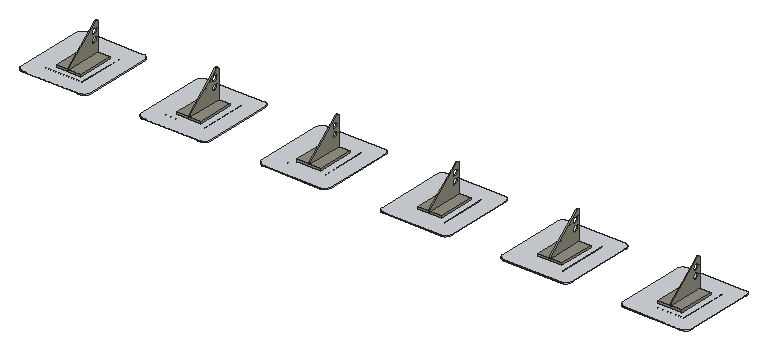
Revit family "Construction_Roof-Accessories_Alpine-SnowGuards_PP115", category Specialty Equipment, host Face, Revit 2019
Family settings
  Host = Face
  Round Connector Dimension = Use Diameter
  Part Type = Normal
  OmniClass Number = 23.35.20.31.27.14
  OmniClass Title = Snow Guards
  Cut with Voids When Loaded = No
  Shared = No
  Room Calculation Point = No
Parameters (values of type "Hi Hole")
  Z_Two Pipe = no
  Z_Two [instance] = Z_Length > Z_Horizontal Spacing  # yes
  Z_Three Pipe = no
  Z_Radius = 1/2"
  Z_One [instance] = not(Z_Array)  # no
  Z_Length [instance] = if(Length < Z_Horizontal Spacing, Z_Horizontal Spacing, Length)  # 100"
  Z_Horizontal Spacing = if(Horizontal Spacing < 2", 2", Horizontal Spacing)  # 20"
  Z_Hi Hole = yes
  Z_Array [instance] = and(Z_Length > Z_Horizontal Spacing * 2)  # yes
  URL = "https://www.alpinesnowguards.com/model/pp115?utm_source=bimobject&utm_medium=productlisting&utm_campaign=2022marketing"
  Snow Guard Count [instance] = if(Length < Horizontal Spacing, 1, if(and(Z_Length > Z_Horizontal Spacing, Z_Length < Z_Horizontal Spacing * 2), 2, Z_Number of Pads Control))  # 6
  Product data url = "https://www.bimobject.com/en-us/alpine-snowguards/product/pp115_two_or_three_pipe_snow_guard"
  Product Material = Alpine SnowGuards - Aluminium - Mill Finish
  Product Guid = "50d7e0c7-bc02-4f67-a614-d69a3d9d585d"
  Z_Number of Pads Control [instance] = if(Z_Length / Z_Horizontal Spacing + 1 < 3, 3, rounddown(Z_Length / Z_Horizontal Spacing + 1))  # 6
  Pad Material = Alpine SnowGuards - Aluminium - Mill Finish
  Note [instance] = "Customer Supplied Target Patch Flashing"  # constant formula
  Model = "PP115 - Hi Hole"
  Manufacturer = "Alpine SnowGuards"  # constant formula
  Length [instance] = 100"
  Keynote = "07720"
  Length Note [instance] = "To show a single SnowGuard set Length to 0"  # constant formula
  Horizontal Spacing = 20"
  Edition number = 1  # constant formula
  Description = "PP115 two or three pipe, pipe-style snow guard bracket in aluminum. 6''X8'' stainless steel base plate."  # constant formula
  Default Elevation = 48"
  Base Material = Alpine SnowGuards - Aluminium - Mill Finish
  Assembly Code = "B3010"
Types (4): name | Z_Two Pipe | Z_Three Pipe | Z_Hi Hole | Model
  (no name) | no | no | yes | "PP115 - Hi Hole"
  Two Pipe | yes | no | no | "PP115 - Two Pipe"
  Three Pipe | no | yes | no | "PP115 - Three Pipe"
  Hi Hole | no | no | yes | "PP115 - Hi Hole"
Reference planes (in)
  plane 1 "Center (Front/Back)": y = 0
  plane 2: z = 0
  plane 3 "Center (Left/Right)": x = 0
  plane 4: x = 100
  plane 5: z = 0
  plane 6: x = 20
Dimensions and locks (in)
  "Z_Length": plane 3 "Center (Left/Right)" to plane 4
  locked: plane 5 to plane 2 at 0
  locked: nested 1 to plane 1 "Center (Front/Back)" at 6.21833
  locked: nested 2 to plane 1 "Center (Front/Back)" at 2.21833
  equal spacing: group 1, group 2, group 3, group 10, group 11, group 12  (x3)
  "Z_Horizontal Spacing": plane 3 "Center (Left/Right)" to plane 6
  equal spacing: group 4, group 5, group 6, group 13, group 14, group 15  (x3)
  equal spacing: group 7, group 8, group 9, group 16, group 17, group 18  (x3)
  aligned and locked: host face to plane 2
  aligned and locked: host face to level
  aligned and locked: nested 1 to plane 3 "Center (Left/Right)"
  aligned and locked: nested 3 to plane 3 "Center (Left/Right)"
  aligned and locked: plane 3 "Center (Left/Right)" to nested 2
  aligned and locked: plane 6 to nested 4
  aligned and locked: nested 6 to plane 6
  aligned and locked: nested 8 to plane 6
  aligned and locked: nested 10 to plane 3 "Center (Left/Right)"
  aligned and locked: nested 12 to plane 3 "Center (Left/Right)"
  aligned and locked: plane 3 "Center (Left/Right)" to nested 13
  aligned and locked: nested 11 to plane 6
  aligned and locked: nested 15 to plane 6
  aligned and locked: plane 6 to nested 14
Automatic sketch dimensions
  host sketch curve to host sketch curve = 199.17032"
  host sketch curve to host sketch curve = 96"
Nested families (in)
  nested 1: "Construction_Roof-Accessories_Alpine-SnowGuards_Base-PP115" at (0, -6.21833, 0) x (-1, 0, 0) z (0, 0, 1), Material <- "Base Material", visible <- "Z_Array", type "6"x8""
    with Material Alpine SnowGuards - Aluminium - Mill Finish
  nested 2: "Target-Patch-Flashing" at (0, -8.84333, 0), visible <- "Z_Array", type "Target-Patch-Flashing"
  nested 3: "Construction_Roof-Accessories_Alpine-SnowGuards_Pad-PP115" at (0, -5.21833, 0.0625), Pad Material <- "Pad Material", Three Pipe <- "Z_Three Pipe", Two Pipe <- "Z_Two Pipe", Hi Hole <- "Z_Hi Hole", visible <- "Z_Array", type "Construction_Roof-Accessories_Alpine-SnowGuards_Pad-PP115"
    with Two Pipe no, Three Pipe no, Pad Material Alpine SnowGuards - Aluminium - Mill Finish, Hi Hole yes
  nested 4: "Target-Patch-Flashing" at (20, -8.84333, 0), visible <- "Z_Array", type "Target-Patch-Flashing"
  nested 5: "Target-Patch-Flashing" at (40, -8.84333, 0), visible <- "Z_Array", type "Target-Patch-Flashing"
  nested 6: "Construction_Roof-Accessories_Alpine-SnowGuards_Base-PP115" at (20, -6.21833, 0) x (-1, 0, 0) z (0, 0, 1), Material <- "Base Material", visible <- "Z_Array", type "6"x8""
    with Material Alpine SnowGuards - Aluminium - Mill Finish
  nested 7: "Construction_Roof-Accessories_Alpine-SnowGuards_Base-PP115" at (40, -6.21833, 0) x (-1, 0, 0) z (0, 0, 1), Material <- "Base Material", visible <- "Z_Array", type "6"x8""
    with Material Alpine SnowGuards - Aluminium - Mill Finish
  nested 8: "Construction_Roof-Accessories_Alpine-SnowGuards_Pad-PP115" at (20, -5.21833, 0.0625), Pad Material <- "Pad Material", Three Pipe <- "Z_Three Pipe", Two Pipe <- "Z_Two Pipe", Hi Hole <- "Z_Hi Hole", visible <- "Z_Array", type "Construction_Roof-Accessories_Alpine-SnowGuards_Pad-PP115"
    with Two Pipe no, Three Pipe no, Pad Material Alpine SnowGuards - Aluminium - Mill Finish, Hi Hole yes
  nested 9: "Construction_Roof-Accessories_Alpine-SnowGuards_Pad-PP115" at (40, -5.21833, 0.0625), Pad Material <- "Pad Material", Three Pipe <- "Z_Three Pipe", Two Pipe <- "Z_Two Pipe", Hi Hole <- "Z_Hi Hole", visible <- "Z_Array", type "Construction_Roof-Accessories_Alpine-SnowGuards_Pad-PP115"
    with Two Pipe no, Three Pipe no, Pad Material Alpine SnowGuards - Aluminium - Mill Finish, Hi Hole yes
  nested 10: "Construction_Roof-Accessories_Alpine-SnowGuards_Base-PP115" at (0, -6.21833, 0) x (-1, 0, 0) z (0, 0, 1), Material <- "Base Material", visible <- "Z_One", type "6"x8""
    with Material Alpine SnowGuards - Aluminium - Mill Finish
  nested 11: "Construction_Roof-Accessories_Alpine-SnowGuards_Base-PP115" at (20, -6.21833, 0) x (-1, 0, 0) z (0, 0, 1), Material <- "Base Material", visible <- "Z_Two", type "6"x8""
    with Material Alpine SnowGuards - Aluminium - Mill Finish
  nested 12: "Construction_Roof-Accessories_Alpine-SnowGuards_Pad-PP115" at (0, -5.21833, 0.0625) x (-1, 0, 0) z (0, 0, 1), Pad Material <- "Pad Material", visible <- "Z_One", Three Pipe <- "Z_Three Pipe", Two Pipe <- "Z_Two Pipe", Hi Hole <- "Z_Hi Hole", type "Construction_Roof-Accessories_Alpine-SnowGuards_Pad-PP115"
    with Two Pipe no, Three Pipe no, Pad Material Alpine SnowGuards - Aluminium - Mill Finish, Hi Hole yes
  nested 13: "Target-Patch-Flashing" at (0, -8.84333, 0), visible <- "Z_One", type "Target-Patch-Flashing"
  nested 14: "Target-Patch-Flashing" at (20, -8.84333, 0), visible <- "Z_Two", type "Target-Patch-Flashing"
  nested 15: "Construction_Roof-Accessories_Alpine-SnowGuards_Pad-PP115" at (20, -5.21833, 0.0625) x (-1, 0, 0) z (0, 0, 1), Pad Material <- "Pad Material", Three Pipe <- "Z_Three Pipe", Two Pipe <- "Z_Two Pipe", Hi Hole <- "Z_Hi Hole", visible <- "Z_Two", type "Construction_Roof-Accessories_Alpine-SnowGuards_Pad-PP115"
    with Two Pipe no, Three Pipe no, Pad Material Alpine SnowGuards - Aluminium - Mill Finish, Hi Hole yes
  nested 16: "Target-Patch-Flashing" at (60, -8.84333, 0), visible <- "Z_Array", type "Target-Patch-Flashing"
  nested 17: "Target-Patch-Flashing" at (80, -8.84333, 0), visible <- "Z_Array", type "Target-Patch-Flashing"
  nested 18: "Target-Patch-Flashing" at (100, -8.84333, 0), visible <- "Z_Array", type "Target-Patch-Flashing"
  nested 19: "Construction_Roof-Accessories_Alpine-SnowGuards_Base-PP115" at (60, -6.21833, 0) x (-1, 0, 0) z (0, 0, 1), Material <- "Base Material", visible <- "Z_Array", type "6"x8""
    with Material Alpine SnowGuards - Aluminium - Mill Finish
  nested 20: "Construction_Roof-Accessories_Alpine-SnowGuards_Base-PP115" at (80, -6.21833, 0) x (-1, 0, 0) z (0, 0, 1), Material <- "Base Material", visible <- "Z_Array", type "6"x8""
    with Material Alpine SnowGuards - Aluminium - Mill Finish
  nested 21: "Construction_Roof-Accessories_Alpine-SnowGuards_Base-PP115" at (100, -6.21833, 0) x (-1, 0, 0) z (0, 0, 1), Material <- "Base Material", visible <- "Z_Array", type "6"x8""
    with Material Alpine SnowGuards - Aluminium - Mill Finish
  nested 22: "Construction_Roof-Accessories_Alpine-SnowGuards_Pad-PP115" at (60, -5.21833, 0.0625), Pad Material <- "Pad Material", Three Pipe <- "Z_Three Pipe", Two Pipe <- "Z_Two Pipe", Hi Hole <- "Z_Hi Hole", visible <- "Z_Array", type "Construction_Roof-Accessories_Alpine-SnowGuards_Pad-PP115"
    with Two Pipe no, Three Pipe no, Pad Material Alpine SnowGuards - Aluminium - Mill Finish, Hi Hole yes
  nested 23: "Construction_Roof-Accessories_Alpine-SnowGuards_Pad-PP115" at (80, -5.21833, 0.0625), Pad Material <- "Pad Material", Three Pipe <- "Z_Three Pipe", Two Pipe <- "Z_Two Pipe", Hi Hole <- "Z_Hi Hole", visible <- "Z_Array", type "Construction_Roof-Accessories_Alpine-SnowGuards_Pad-PP115"
    with Two Pipe no, Three Pipe no, Pad Material Alpine SnowGuards - Aluminium - Mill Finish, Hi Hole yes
  nested 24: "Construction_Roof-Accessories_Alpine-SnowGuards_Pad-PP115" at (100, -5.21833, 0.0625), Pad Material <- "Pad Material", Three Pipe <- "Z_Three Pipe", Two Pipe <- "Z_Two Pipe", Hi Hole <- "Z_Hi Hole", visible <- "Z_Array", type "Construction_Roof-Accessories_Alpine-SnowGuards_Pad-PP115"
    with Two Pipe no, Three Pipe no, Pad Material Alpine SnowGuards - Aluminium - Mill Finish, Hi Hole yes
Definition of nested family "Construction_Roof-Accessories_Alpine-SnowGuards_Base-PP115"
  Parameters (values of type "6"x8"")
    W = 6"
    Material [instance] = none
  Reference planes (in)
    plane 1 "Center (Front/Back)": y = 0
    plane 2: z = 0
    plane 3 "Center (Left/Right)": x = 0
    plane 4: y = -8
    plane 5: x = -3
    plane 6: x = 3
    plane 7 "1": z = 0.125
  Forms (in)
    Extrusion 1, solid, material <- "Material"
      sketch origin (0, 0, 0) x (1, 0, 0) y (0, 0, 1)
        loop
          line (-3, 0.125) -> (-3, 0) -> (3, 0) -> (3, 0.125) -> (-3, 0.125)
      from 0 to 8
  Lines and regions (in)
    model lines, detail levels fine
      curve 1: circle (-2.50067, -0.49928, 0.125) r 0.28191 normal (0, 0, 1)
      curve 2: circle (-0.00067, -0.49928, 0.125) r 0.28191 normal (0, 0, 1)
      curve 3: circle (2.50067, -0.49928, 0.125) r 0.28191 normal (0, 0, -1)
      curve 4: circle (-2.50067, -7.49928, 0.125) r 0.28191 normal (0, 0, 1)
      curve 5: circle (2.50067, -7.49928, 0.125) r 0.28191 normal (0, 0, -1)
      curve 6: circle (-2.50067, -2.74928, 0.125) r 0.28191 normal (0, 0, 1)
      curve 7: circle (2.50067, -2.74928, 0.125) r 0.28191 normal (0, 0, -1)
  Dimensions and locks (in)
    locked: plane 4 to plane 1 "Center (Front/Back)" at 8
    equal spacing: plane 5, plane 3 "Center (Left/Right)", plane 6
    "W": plane 5 to plane 6
    locked: Extrusion 1 sketch curve to level at 0.125
    aligned and locked: level to plane 2
    aligned and locked: plane 5 to Extrusion 1 sketch curve
    aligned and locked: plane 2 to Extrusion 1 sketch curve
    aligned and locked: Extrusion 1 sketch curve to plane 6
    aligned and locked: Extrusion 1 to plane 1 "Center (Front/Back)"
    aligned and locked: Extrusion 1 to plane 4
  Automatic sketch dimensions
    curve 5 to plane 6 = 0.49933"
    curve 3 to plane 6 = 0.49933"
    curve 7 to plane 6 = 0.49933"
    curve 2 to plane 3 "Center (Left/Right)" = 0.00067"
    plane 5 to curve 6 = 0.49933"
    plane 5 to curve 4 = 0.49933"
    plane 5 to curve 1 = 0.49933"
    plane 1 "Center (Front/Back)" to curve 2 = 0.49928"
    plane 1 "Center (Front/Back)" to curve 3 = 0.49928"
    plane 1 "Center (Front/Back)" to curve 1 = 0.49928"
    curve 1 to curve 6 = 2 1/4"
    curve 3 to curve 7 = 2 1/4"
    plane 4 to curve 5 = 0.50072"
    plane 4 to curve 4 = 0.50072"
    radius of curve 1 = 0.28191"
    radius of curve 2 = 0.28191"
    radius of curve 3 = 0.28191"
    radius of curve 4 = 0.28191"
    radius of curve 5 = 0.28191"
    radius of curve 6 = 0.28191"
    radius of curve 7 = 0.28191"
Definition of nested family "Target-Patch-Flashing"
  Reference planes (in)
    plane 1 "Center (Front/Back)": y = 0
    plane 2: z = 0
    plane 3 "Center (Left/Right)": x = 0
    plane 4: y = 13.25
    plane 5: x = -5.75
    plane 6: x = 5.75
    plane 7: z = 0.125
    plane 8: y = 6.625
  Forms (in)
    Extrusion 1, solid
      sketch origin (0, 0, 0) x (1, 0, 0) y (0, 1, 0)
        loop
          arc (-5.75, 1.03516) -> (-5.44681, 0.30319) -> (-4.71484, 0) r 1.03516
          line (-4.71484, 0) -> (4.71484, 0)
          arc (4.71484, 0) -> (5.44681, 0.30319) -> (5.75, 1.03516) r 1.03516
          line (5.75, 1.03516) -> (5.75, 12.21524)
          arc (5.75, 12.21524) -> (5.44693, 12.94693) -> (4.71524, 13.25) r 1.03476
          line (4.71524, 13.25) -> (-4.71484, 13.25)
          arc (-4.71484, 13.25) -> (-5.44681, 12.94681) -> (-5.75, 12.21484) r 1.03516
          line (-5.75, 12.21484) -> (-5.75, 1.03516)
      from 0.125 to 0.1875
  Dimensions and locks (in)
    equal spacing: plane 5, plane 3 "Center (Left/Right)", plane 6
    plane 5 to plane 3 "Center (Left/Right)" = 5 3/4"
    plane 7 to level = 1/8"
    equal spacing: plane 1 "Center (Front/Back)", plane 8, plane 4
    plane 4 to plane 1 "Center (Front/Back)" = 13 1/4"
    aligned and locked: plane 2 to level
    aligned and locked: plane 5 to Extrusion 1 sketch curve
    aligned and locked: plane 6 to Extrusion 1 sketch curve
    aligned and locked: Extrusion 1 sketch curve to plane 4
    aligned and locked: plane 1 "Center (Front/Back)" to Extrusion 1 sketch curve
    aligned and locked: Extrusion 1 to plane 7
  Automatic sketch dimensions
    Extrusion 1 sketch curve to plane 4 = 1 9/256"
    Extrusion 1 sketch curve to plane 1 "Center (Front/Back)" = 1 9/256"
    Extrusion 1 sketch curve to Extrusion 1 sketch curve = 1 9/256"
    Extrusion 1 sketch curve to plane 4 = 1.03476"
Definition of nested family "Construction_Roof-Accessories_Alpine-SnowGuards_Pad-PP115"
  Parameters (values of type "Construction_Roof-Accessories_Alpine-SnowGuards_Pad-PP115")
    Hi Hole [instance] = no
    Two Pipe [instance] = yes
    Three Pipe [instance] = no
    Pad Material [instance] = none
  Reference planes (in)
    plane 1 "Center (Front/Back)": y = 0
    plane 2: z = 0
    plane 3 "Center (Left/Right)": x = 0
    plane 4: y = -12
    plane 5: x = -3
    plane 6: x = 3
    plane 7: y = -6
  Forms (in)
    Extrusion 1, solid, material <- "Pad Material"
      sketch origin (0, 0, 0) x (1, 0, 0) y (0, 0, 1)
        loop
          line (-2, 0.4375) -> (-2, 0.125) -> (2, 0.125) -> (2, 0.4375) -> (-2, 0.4375)
      from 0 to 6
    Sweep 2, solid, material <- "Pad Material", visible <- "Two Pipe", detail levels fine
      path origin (0, 0, 0) x (1, 0, 0) y (0, 0, 1)
        loop
          line (-0.09375, 0.4375) -> (0.09375, 0.4375)
      profile origin (0, 0, 0.4375) x (0, 0, 1) y (0, -1, 0)
        loop
          arc (4.76605, 5.59002) -> (4.80032, 5.85608) -> (4.57394, 6) r 0.25
          line (4.57394, 6) -> (0, 6) -> (0, 0) -> (0.11115, 0) -> (4.76605, 5.59002)
        loop
          circle (3.21875, 5.21833) r 0.53125
        loop
          circle (1.46875, 5.21833) r 0.53125
    Sweep 3, solid, material <- "Pad Material", visible <- "Three Pipe", detail levels fine
      path origin (0, 0, 0) x (1, 0, 0) y (0, 0, 1)
        loop
          line (-0.09375, 0.4375) -> (0.09375, 0.4375)
      profile origin (0, 0, 0.4375) x (0, 0, 1) y (0, -1, 0)
        loop
          arc (4.76605, 5.59002) -> (4.80032, 5.85608) -> (4.57394, 6) r 0.25
          line (4.57394, 6) -> (0, 6) -> (0, 0) -> (0.11115, 0) -> (4.76605, 5.59002)
        loop
          circle (3.53125, 5.21833) r 0.53125
        loop
          circle (2.21875, 5.21833) r 0.53125
        loop
          circle (0.90625, 5.21833) r 0.53125
    Sweep 4, solid, material <- "Pad Material", visible <- "Hi Hole", detail levels fine
      path origin (0, 0, 0) x (1, 0, 0) y (0, 0, 1)
        loop
          line (-0.09375, 0.4375) -> (0.09375, 0.4375)
      profile origin (0, 0, 0.4375) x (0, 0, 1) y (0, -1, 0)
        loop
          arc (4.76605, 5.59002) -> (4.80032, 5.85608) -> (4.57394, 6) r 0.25
          line (4.57394, 6) -> (0, 6) -> (0, 0) -> (0.11115, 0) -> (4.76605, 5.59002)
        loop
          circle (3.46875, 5.21833) r 0.53125
        loop
          circle (2.15625, 5.21833) r 0.53125
    Sweep 5, solid, material <- "Pad Material", visible <- "Hi Hole", detail levels coarse+medium
      path origin (0, 0, 0) x (1, 0, 0) y (0, 0, 1)
        loop
          line (-0.09375, 0.4375) -> (0.09375, 0.4375)
      profile origin (0, 0, 0.4375) x (0, 0, 1) y (0, -1, 0)
        loop
          arc (4.76605, 5.59002) -> (4.80032, 5.85608) -> (4.57394, 6) r 0.25
          line (4.57394, 6) -> (0, 6) -> (0, 0) -> (0.11115, 0) -> (4.76605, 5.59002)
    Sweep 6, solid, material <- "Pad Material", visible <- "Two Pipe", detail levels coarse+medium
      path origin (0, 0, 0) x (1, 0, 0) y (0, 0, 1)
        loop
          line (-0.09375, 0.4375) -> (0.09375, 0.4375)
      profile origin (0, 0, 0.4375) x (0, 0, 1) y (0, -1, 0)
        loop
          arc (4.76605, 5.59002) -> (4.80032, 5.85608) -> (4.57394, 6) r 0.25
          line (4.57394, 6) -> (0, 6) -> (0, 0) -> (0.11115, 0) -> (4.76605, 5.59002)
    Sweep 7, solid, material <- "Pad Material", visible <- "Three Pipe", detail levels coarse+medium
      path origin (0, 0, 0) x (1, 0, 0) y (0, 0, 1)
        loop
          line (-0.09375, 0.4375) -> (0.09375, 0.4375)
      profile origin (0, 0, 0.4375) x (0, 0, 1) y (0, -1, 0)
        loop
          arc (4.76605, 5.59002) -> (4.80032, 5.85608) -> (4.57394, 6) r 0.25
          line (4.57394, 6) -> (0, 6) -> (0, 0) -> (0.11115, 0) -> (4.76605, 5.59002)
  Dimensions and locks (in)
    locked: plane 4 to plane 1 "Center (Front/Back)" at 12
    equal spacing: plane 5, plane 3 "Center (Left/Right)", plane 6
    plane 5 to plane 6 = 6"
    locked: plane 7 to plane 4 at 6
    locked: Extrusion 1 sketch curve to plane 2 at 0.125
    locked: Extrusion 1 sketch curve to Extrusion 1 sketch curve at 0.3125
    locked: Extrusion 1 sketch curve to plane 5 at 1
    locked: plane 6 to Extrusion 1 sketch curve at 1
    aligned and locked: level to plane 2
  Automatic sketch dimensions
    Sweep 2 sketch curve to plane 3 "Center (Left/Right)" = 3/32"
    plane 3 "Center (Left/Right)" to Sweep 2 sketch curve = 3/32"
    level to Sweep 2 sketch curve = 7/16"
    profile plane to Sweep 2 sketch curve = 0"
    Sweep 2 sketch curve to plane 1 "Center (Front/Back)" = 0"
    Sweep 2 sketch curve to profile plane = 0.11115"
    Sweep 2 sketch curve to profile plane = 1 15/32"
    Sweep 2 sketch curve to Sweep 2 sketch curve = 1 3/4"
    Sweep 2 sketch curve to Sweep 2 sketch curve = 1.35519"
    Sweep 2 sketch curve to Sweep 2 sketch curve = 0.19211"
    plane 1 "Center (Front/Back)" to Sweep 2 sketch curve = 5.21833"
    Sweep 2 sketch curve to Sweep 2 sketch curve = 0"
    Sweep 2 sketch curve to Sweep 2 sketch curve = 0.37169"
    Sweep 2 sketch curve to Sweep 2 sketch curve = 0.15998"
    Sweep 3 sketch curve to plane 3 "Center (Left/Right)" = 3/32"
    plane 3 "Center (Left/Right)" to Sweep 3 sketch curve = 3/32"
    level to Sweep 3 sketch curve = 7/16"
    profile plane to Sweep 3 sketch curve = 0"
    Sweep 3 sketch curve to plane 1 "Center (Front/Back)" = 0"
    Sweep 3 sketch curve to profile plane = 0.11115"
    Sweep 3 sketch curve to profile plane = 29/32"
    Sweep 3 sketch curve to Sweep 3 sketch curve = 1 5/16"  (x2)
    Sweep 3 sketch curve to Sweep 3 sketch curve = 1.04269"
    Sweep 3 sketch curve to Sweep 3 sketch curve = 0.19211"
    plane 1 "Center (Front/Back)" to Sweep 3 sketch curve = 5.21833"
    Sweep 3 sketch curve to Sweep 3 sketch curve = 0"  (x2)
    Sweep 3 sketch curve to Sweep 3 sketch curve = 0.37169"
    Sweep 3 sketch curve to Sweep 3 sketch curve = 0.15998"
    Sweep 4 sketch curve to plane 3 "Center (Left/Right)" = 3/32"
    plane 3 "Center (Left/Right)" to Sweep 4 sketch curve = 3/32"
    level to Sweep 4 sketch curve = 7/16"
    profile plane to Sweep 4 sketch curve = 0"
    Sweep 4 sketch curve to plane 1 "Center (Front/Back)" = 0"
    Sweep 4 sketch curve to profile plane = 0.11115"
    Sweep 4 sketch curve to profile plane = 2 5/32"
    Sweep 4 sketch curve to Sweep 4 sketch curve = 1 5/16"
    Sweep 4 sketch curve to Sweep 4 sketch curve = 1.10519"
    Sweep 4 sketch curve to Sweep 4 sketch curve = 0.19211"
    plane 1 "Center (Front/Back)" to Sweep 4 sketch curve = 5.21833"
    Sweep 4 sketch curve to Sweep 4 sketch curve = 0"
    Sweep 4 sketch curve to Sweep 4 sketch curve = 0.37169"
    Sweep 4 sketch curve to Sweep 4 sketch curve = 0.15998"
    Sweep 5 sketch curve to plane 3 "Center (Left/Right)" = 3/32"
    plane 3 "Center (Left/Right)" to Sweep 5 sketch curve = 3/32"
    level to Sweep 5 sketch curve = 7/16"
    profile plane to Sweep 5 sketch curve = 0"
    Sweep 5 sketch curve to plane 1 "Center (Front/Back)" = 0"
    Sweep 5 sketch curve to profile plane = 0.11115"
    Sweep 5 sketch curve to profile plane = 4.57394"
    Sweep 5 sketch curve to Sweep 5 sketch curve = 0.19211"
    plane 1 "Center (Front/Back)" to Sweep 5 sketch curve = 5.59002"
    Sweep 5 sketch curve to Sweep 5 sketch curve = 0.15998"
    Sweep 6 sketch curve to plane 3 "Center (Left/Right)" = 3/32"
    plane 3 "Center (Left/Right)" to Sweep 6 sketch curve = 3/32"
    level to Sweep 6 sketch curve = 7/16"
    profile plane to Sweep 6 sketch curve = 0"
    Sweep 6 sketch curve to plane 1 "Center (Front/Back)" = 0"
    Sweep 6 sketch curve to profile plane = 0.11115"
    Sweep 6 sketch curve to profile plane = 4.57394"
    Sweep 6 sketch curve to Sweep 6 sketch curve = 0.19211"
    plane 1 "Center (Front/Back)" to Sweep 6 sketch curve = 5.59002"
    Sweep 6 sketch curve to Sweep 6 sketch curve = 0.15998"
    Sweep 7 sketch curve to plane 3 "Center (Left/Right)" = 3/32"
    plane 3 "Center (Left/Right)" to Sweep 7 sketch curve = 3/32"
    level to Sweep 7 sketch curve = 7/16"
    profile plane to Sweep 7 sketch curve = 0"
    Sweep 7 sketch curve to plane 1 "Center (Front/Back)" = 0"
    Sweep 7 sketch curve to profile plane = 0.11115"
    Sweep 7 sketch curve to Sweep 7 sketch curve = 0.19211"
    Sweep 7 sketch curve to Sweep 7 sketch curve = 0.15998"
    Sweep 7 sketch curve to profile plane = 4.57394"
    plane 1 "Center (Front/Back)" to Sweep 7 sketch curve = 5.59002"
    radius of Sweep 2 sketch curve = 17/32"  (x2)
    radius of Sweep 3 sketch curve = 17/32"  (x3)
    radius of Sweep 4 sketch curve = 17/32"  (x2)
